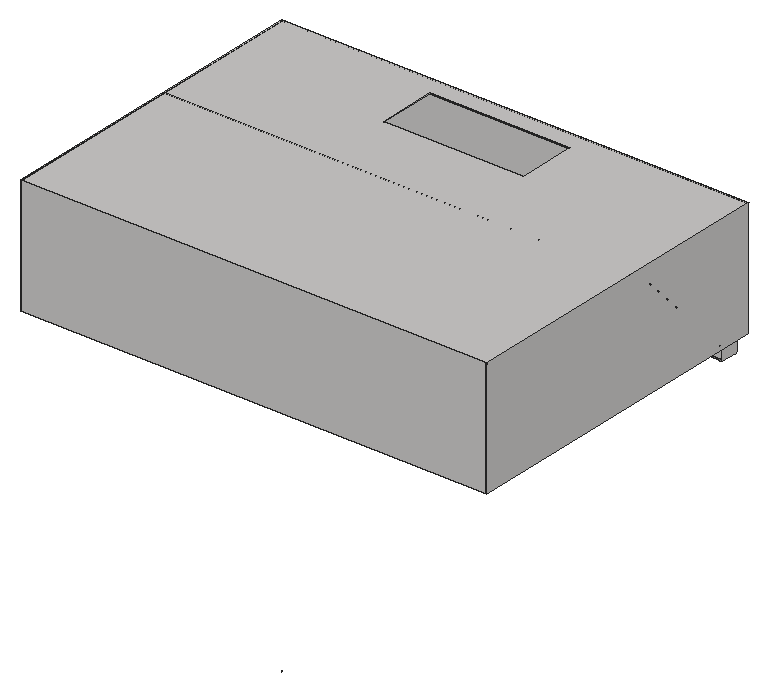
Revit family "QF_ELECTROLUXPROFESSIONAL_642025_EP1420T", category Attrezzature speciali, Revit 2021
Family settings
  Quota connettore circolare = Usa diametro
  Tipo di parte = Normale
  Basato su piano di lavoro = No
  Sempre verticale = Sì
  Taglio con vuoti quando caricato = No
  Condiviso = No
  Punto di calcolo locali = No
Parameters (values of type "Standard")
  Weight = 57.00 kg
  Watts = 0 W
  Volts = 0 V
  URL Manufacturer = "https://www.electroluxprofessional.com/"
  URL = "https://www.electroluxprofessional.com/"
  Steam Supply Size = 0 mm
  Steam Supply Minimum Pressure = 0.0 Pa
  Steam Supply Maximum Pressure = 0.0 Pa
  Steam Consumption per Hour = 0
  Refrigeration Suction Line Size = 0 mm
  Refrigeration Liquid Line Size = 0 mm
  Refrigerant Compressor Remote = yes
  Prospetto di default = 0 mm
  Produttore = "Electrolux Professional"
  Phase = 0
  Modello = "EP1420T"
  Length Actual = 2000 mm  # constant formula
  Item Number = "642025"
  Hot Water Size = 0 mm
  Height Actual = 500 mm  # constant formula
  HP = "0 HP"
  Gas Size = 0 mm
  Gas KW = 0
  Gas Input Pressure = 0 W
  Direct Waste Size = 0 mm
  Descrizione = "304 S/S WALL HOOD+FILTERS 2000X1400MM"
  Depth Actual = 1400 mm  # constant formula
  Cycle = 0 Hz
  Condensate Return Size = 0 mm
  Compressed Air Volume = 0.0 L/s
  Compressed Air Size = 0 mm
  Compressed Air Pressure = 0.0 Pa
  Cold Water Size = 0 mm
  Accessory = yes
Reference planes
  plane 1: z = 0
  plane 2 "Center (Left/Right)": x = 150
  plane 3 "LEFT": x = -850
  plane 4 "RIGHT": x = 1150
  plane 5 "BACK": y = 550
  plane 6 "TOP": z = 2500
  plane 7 "Base": z = 2000
  plane 8: z = 1926
  plane 9 "DrainY": y = 485
  plane 10: x = -847
  plane 11: through (0, 414.509, 2000.8) normal (0, 0.7314, 0.682)
  plane 12: y = 470
  plane 13: y = 220
  plane 14 "DrainX": x = 1030
  plane 15: x = -150
  plane 16: x = 450
  plane 17: x = 1147
  plane 18: x = 940
  plane 19: x = 1120
  plane 20: x = -810
  plane 21: x = 1110
  plane 22: x = -47.5
  plane 23: x = 347.5
  plane 24 "Center (Front/Back)": y = -150
  plane 25 "Front": y = -850
Forms (mm)
  Extrusion 1, solid, material "QF_Finishes_Stainless Steel"
    sketch origin (-850, 0, 360) x (0, 1, 0) y (0, 0, 1)
      loop
        line (550, 1640) -> (550, 2140) -> (-850, 2140) -> (-850, 1640) -> (550, 1640)
    from 0 to 3
  Extrusion 2, solid, material "QF_Finishes_Stainless Steel"
    sketch origin (150, 0, 360) x (0, 1, 0) y (0, 0, 1)
      loop
        line (415.255, 1640) -> (550, 1640) -> (550, 2139.19) -> (549.2, 2139.19) -> (549.2, 1640.8) -> (415.876, 1640.8) -> (339.347, 1722.867) -> (349.609, 1732.436) -> (348.927, 1733.167) -> (337.934, 1722.917) -> (415.255, 1640)
      loop
        line (-82.203, 2139.19) -> (-82.203, 2118.6) -> (-31.047, 2118.6) -> (34.354, 2048.466) -> (46.028, 2059.352) -> (45.346, 2060.083) -> (34.403, 2049.879) -> (-30.612, 2119.6) -> (-81.203, 2119.6) -> (-81.203, 2139.19) -> (-82.203, 2139.19)
    from -997 to 997
  Extrusion 3, solid, material "QF_Finishes_Stainless Steel"
    sketch origin (1150, 0, 360) x (0, 1, 0) y (0, 0, 1)
      loop
        line (550, 1640) -> (550, 2140) -> (-850, 2140) -> (-850, 1640) -> (550, 1640)
    from 0 to -3
  Extrusion 4, solid, material "QF_Finishes_Stainless Steel"
    sketch origin (150, 0, 360) x (0, 1, 0) y (0, 0, 1)
      loop
        line (-850, 2140) -> (-850, 1640) -> (-849.2, 1640) -> (-849.2, 2139.19) -> (550, 2139.19) -> (550, 2140) -> (-850, 2140)
    from -1000 to 1000
  Extrusion 5, solid, material "QF_Finishes_Stainless Steel"
    sketch origin (150, 0, 360) x (0, 1, 0) y (0, 0, 1)
      loop
        line (534, 1640) -> (436, 1640) -> (436, 1627) -> (443.5, 1627) -> (443.5, 1576)
        arc (443.5, 1576) -> (446.429, 1568.929) -> (453.5, 1566) r 10
        line (453.5, 1566) -> (516.5, 1566)
        arc (516.5, 1566) -> (523.571, 1568.929) -> (526.5, 1576) r 10
        line (526.5, 1576) -> (526.5, 1627) -> (534, 1627) -> (534, 1640)
    from 790 to 970
  Extrusion 6, solid, material "QF_Finishes_Stainless Steel"
    sketch origin (0, 0, 2000) x (0, 1, 0) y (-1, 0, 0)
      loop
        circle (485, -1030) r 20
    from -76 to -74
  Extrusion 7, solid, material "QF_Finished_Chrome"
    sketch origin (150, 0, 360) x (0, 1, 0) y (0, 0, 1)
      loop
        line (337.934, 1722.917) -> (341.591, 1726.327) -> (38.011, 2051.876) -> (34.354, 2048.466) -> (337.934, 1722.917)
    from -197.5 to -960
  Extrusion 8, solid, material "QF_Finishes_Stainless Steel"
    sketch origin (150, 0, 360) x (0, 1, 0) y (0, 0, 1)
      loop
        line (337.934, 1722.917) -> (341.591, 1726.327) -> (38.011, 2051.876) -> (34.354, 2048.466) -> (337.934, 1722.917)
    from 997 to 960
  Extrusion 9, solid, material "QF_Finished_Chrome"
    sketch origin (150, 0, 360) x (0, 1, 0) y (0, 0, 1)
      loop
        line (341.588, 1726.324) -> (38.009, 2051.874) -> (34.354, 2048.466) -> (337.934, 1722.917) -> (341.588, 1726.324)
    from 197.5 to 960
  Extrusion 10, void
    sketch origin (0, 0, 2500) x (0, 1, 0) y (-1, 0, 0)
      loop
        line (470, -450) -> (470, 150) -> (220, 150) -> (220, -450) -> (470, -450)
    from 0 to -10
  Extrusion 11, solid, material "QF_Finishes_Stainless Steel"
    sketch origin (0, 0, 0) x (1, 0, 0) y (0, 1, 0)
      loop
        line (-850, 550) -> (-850, 549) -> (-849, 549) -> (-849, 550) -> (-850, 550)
    from 0 to 1
  Extrusion 12, solid, material "QF_Finishes_Stainless Steel"
    sketch origin (150, 0, 360) x (0, 1, 0) y (0, 0, 1)
      loop
        line (337.934, 1722.917) -> (341.591, 1726.327) -> (38.011, 2051.876) -> (34.354, 2048.466) -> (337.934, 1722.917)
    from -960 to -997
  Extrusion 13, solid, material "QF_Finishes_Stainless Steel"
    sketch origin (150, 0, 360) x (0, 1, 0) y (0, 0, 1)
      loop
        line (337.934, 1722.917) -> (341.591, 1726.327) -> (38.011, 2051.876) -> (34.354, 2048.466) -> (337.934, 1722.917)
    from 197.5 to -197.5
Cuts and joins
  Extrusion 10 cuts Extrusion 4
  joined: Extrusion 2, Extrusion 4
Lines and regions (mm)
  reference lines
    curve 1: line (150, 34.354, 2408.466) -> (150, 34.354, 2248.466)
  symbolic lines, style "SpecialityEquipment", detail levels coarse
    curve 2: line (1150, 550, 2500) -> (-850, 550, 2500)
    curve 3: line (-850, 550, 2500) -> (-850, -850, 2500)
    curve 4: line (1150, -850, 2500) -> (1150, 550, 2500)
    curve 5: line (-850, -850, 2500) -> (1150, -850, 2500)
    curve 6: line (450, 220, 2500) -> (-150, 220, 2500)
    curve 7: line (450, 470, 2500) -> (450, 220, 2500)
    curve 8: line (-150, 470, 2500) -> (450, 470, 2500)
    curve 9: line (-150, 220, 2500) -> (-150, 470, 2500)
    curve 10: line (-850, 550, 0) -> (1150, -850, 0)
    curve 11: line (1150, 550, 0) -> (-850, -850, 0)
Dimensions and locks
  plane 3 "LEFT" to plane 4 "RIGHT" = 2000 mm
  equal spacing: plane 3 "LEFT", plane 2 "Center (Left/Right)", plane 4 "RIGHT"
  plane 7 "Base" to plane 8 = 74 mm
  plane 5 "BACK" to plane 9 "DrainY" = 65 mm  (x2)
  plane 3 "LEFT" to plane 10 = 3 mm
  plane 5 "BACK" to plane 12 = 80 mm
  plane 12 to plane 13 = 250 mm  (x2)
  plane 14 "DrainX" to plane 4 "RIGHT" = 120 mm
  plane 17 to plane 4 "RIGHT" = 3 mm
  locked: plane 18 to plane 14 "DrainX" at 90
  locked: plane 14 "DrainX" to plane 19 at 90
  plane 12 to plane 5 "BACK" = 80 mm
  locked: plane 3 "LEFT" to plane 20 at 40
  locked: plane 21 to plane 4 "RIGHT" at 40
  locked: plane 22 to plane 23 at 395
  equal spacing: plane 22, plane 2 "Center (Left/Right)", plane 23
  locked: plane 15 to plane 16 at 600
  equal spacing: plane 15, plane 2 "Center (Left/Right)", plane 16
  locked: plane 7 "Base" to level at 2000
  locked: plane 6 "TOP" to plane 7 "Base" at 500
  plane 5 "BACK" to plane 25 "Front" = 1400 mm  (x2)
  equal spacing: plane 5 "BACK", plane 24 "Center (Front/Back)", plane 25 "Front"
  aligned and locked: level to plane 1
  aligned and locked: Extrusion 2 to Extrusion 1
  aligned and locked: Extrusion 2 to Extrusion 3
  aligned and locked: plane 4 "RIGHT" to Extrusion 4
  aligned and locked: Extrusion 4 to plane 3 "LEFT"
  aligned and locked: plane 17 to Extrusion 8
  aligned and locked: Extrusion 10 to plane 15
  aligned and locked: Extrusion 10 to plane 13
  aligned and locked: Extrusion 10 to plane 12
  aligned and locked: Extrusion 2 to Extrusion 4
  aligned and locked: plane 19 to Extrusion 5
  aligned and locked: Extrusion 5 to plane 18
  aligned and locked: Extrusion 8 to plane 21
  aligned and locked: Extrusion 9 to plane 21
  aligned and locked: Extrusion 7 to plane 20
  aligned and locked: Extrusion 12 to plane 10
  aligned and locked: plane 20 to Extrusion 12
  aligned and locked: Extrusion 3 to plane 17
  aligned and locked: Extrusion 10 to plane 16
  aligned and locked: plane 16 to curve 7
  aligned and locked: plane 23 to Extrusion 13
  aligned and locked: Extrusion 13 to plane 22
  aligned and locked: Extrusion 9 to plane 23
Automatic sketch dimensions
  Extrusion 2 sketch curve to plane 11 = 0 mm  (x3)
  Extrusion 2 sketch curve to plane 7 "Base" = 0 mm
  plane 11 to Extrusion 2 sketch curve = 0 mm
  Extrusion 2 sketch curve to plane 5 "BACK" = 0 mm
  Extrusion 2 sketch curve to Extrusion 2 sketch curve = 65.646 mm
  Extrusion 2 sketch curve to Extrusion 2 sketch curve = 0.682 mm  (x2)
  Extrusion 2 sketch curve to Extrusion 2 sketch curve = 10.261 mm
  plane 7 "Base" to Extrusion 2 sketch curve = 82.917 mm
  Extrusion 2 sketch curve to Extrusion 2 sketch curve = 10.942 mm
  Extrusion 2 sketch curve to Extrusion 2 sketch curve = 0.049 mm
  Extrusion 2 sketch curve to plane 6 "TOP" = 20.4 mm
  Extrusion 2 sketch curve to plane 6 "TOP" = 21.4 mm
  Extrusion 2 sketch curve to plane 6 "TOP" = 0.81 mm  (x2)
  Extrusion 2 sketch curve to Extrusion 2 sketch curve = 50.156 mm
  Extrusion 2 sketch curve to Extrusion 2 sketch curve = 1 mm
  plane 7 "Base" to Extrusion 2 sketch curve = 0.8 mm
  Extrusion 2 sketch curve to plane 5 "BACK" = 0.8 mm
  Extrusion 3 sketch curve to plane 7 "Base" = 0 mm
  Extrusion 3 sketch curve to plane 5 "BACK" = 0 mm
  Extrusion 3 sketch curve to plane 6 "TOP" = 0 mm
  Extrusion 4 sketch curve to plane 5 "BACK" = 0 mm
  Extrusion 4 sketch curve to plane 6 "TOP" = 0 mm
  Extrusion 4 sketch curve to plane 6 "TOP" = 0.81 mm
  curve 1 to plane 11 = 0 mm
  Extrusion 5 sketch curve to plane 7 "Base" = 0 mm
  Extrusion 5 sketch curve to plane 8 = 0 mm
  Extrusion 5 sketch curve to plane 7 "Base" = 13 mm  (x2)
  plane 12 to Extrusion 5 sketch curve = 34 mm
  Extrusion 5 sketch curve to Extrusion 5 sketch curve = 7.5 mm  (x2)
  Extrusion 5 sketch curve to Extrusion 5 sketch curve = 10 mm
  plane 9 "DrainY" to Extrusion 5 sketch curve = 31.5 mm
  Extrusion 5 sketch curve to plane 5 "BACK" = 23.5 mm
  Extrusion 6 sketch curve to plane 9 "DrainY" = 0 mm
  Extrusion 6 sketch curve to plane 14 "DrainX" = 0 mm
  Extrusion 7 sketch curve to plane 11 = 0 mm  (x2)
  Extrusion 7 sketch curve to Extrusion 7 sketch curve = 3.657 mm
  plane 7 "Base" to Extrusion 7 sketch curve = 82.917 mm
  Extrusion 8 sketch curve to plane 11 = 0 mm  (x2)
  Extrusion 8 sketch curve to Extrusion 8 sketch curve = 3.657 mm
  plane 7 "Base" to Extrusion 8 sketch curve = 82.917 mm
  Extrusion 9 sketch curve to plane 11 = 0 mm  (x2)
  Extrusion 9 sketch curve to Extrusion 9 sketch curve = 3.655 mm
  plane 7 "Base" to Extrusion 9 sketch curve = 82.917 mm
  Extrusion 10 sketch curve to plane 13 = 0 mm
  plane 12 to Extrusion 10 sketch curve = 0 mm
  Extrusion 10 sketch curve to plane 16 = 0 mm
  Extrusion 10 sketch curve to plane 15 = 0 mm
  Extrusion 11 sketch curve to plane 3 "LEFT" = 0 mm
  Extrusion 11 sketch curve to plane 5 "BACK" = 0 mm
  plane 3 "LEFT" to Extrusion 11 sketch curve = 1 mm
  Extrusion 11 sketch curve to Extrusion 11 sketch curve = 1 mm
  Extrusion 12 sketch curve to plane 11 = 0 mm  (x2)
  Extrusion 12 sketch curve to Extrusion 12 sketch curve = 3.657 mm
  plane 7 "Base" to Extrusion 12 sketch curve = 82.917 mm
  Extrusion 13 sketch curve to plane 11 = 0 mm  (x2)
  Extrusion 13 sketch curve to Extrusion 13 sketch curve = 3.657 mm
  plane 7 "Base" to Extrusion 13 sketch curve = 82.917 mm
  Extrusion 1 sketch curve to plane 5 "BACK" = 0 mm
  Extrusion 1 sketch curve to plane 6 "TOP" = 0 mm
  Extrusion 1 sketch curve to plane 7 "Base" = 0 mm
  Extrusion 4 sketch curve to plane 7 "Base" = 0 mm
  curve 1 to curve 1 = 160 mm
  Extrusion 4 sketch curve to Extrusion 4 sketch curve = 0.8 mm
  Extrusion 1 sketch curve to plane 13 = 1070 mm
  Extrusion 2 sketch curve to plane 6 "TOP" = 91.534 mm
  Extrusion 3 sketch curve to plane 13 = 1070 mm
  Extrusion 4 sketch curve to plane 13 = 1069.2 mm
  curve 1 to plane 13 = 185.646 mm
  Extrusion 7 sketch curve to plane 6 "TOP" = 88.124 mm
  Extrusion 8 sketch curve to plane 6 "TOP" = 88.124 mm
  Extrusion 9 sketch curve to plane 6 "TOP" = 88.126 mm
  Extrusion 12 sketch curve to plane 6 "TOP" = 88.124 mm
  Extrusion 13 sketch curve to plane 6 "TOP" = 88.124 mm
  curve 11 to plane 3 "LEFT" = 0 mm
  curve 10 to plane 3 "LEFT" = 0 mm
  curve 11 to plane 4 "RIGHT" = 0 mm
  curve 10 to plane 4 "RIGHT" = 0 mm
  plane 25 "Front" to curve 10 = 0 mm
  plane 25 "Front" to curve 11 = 0 mm
  curve 11 to plane 5 "BACK" = 0 mm
  curve 10 to plane 5 "BACK" = 0 mm
  curve 3 to plane 3 "LEFT" = 0 mm
  plane 25 "Front" to curve 3 = 0 mm
  curve 4 to plane 4 "RIGHT" = 0 mm
  curve 6 to plane 13 = 0 mm
  plane 12 to curve 8 = 0 mm
  curve 3 to plane 5 "BACK" = 0 mm
  curve 6 to plane 15 = 0 mm
  radius of Extrusion 6 sketch curve = 20 mm
Connectors
  piping at (1030, 485, 1924), diameter 20
    settings: on Extrusion 6, index 1, connector inside diameter 609.6 mm, connector length 0 mm, flow factor 0, pipe flow 0.0 L/s, pressure drop 0.0 Pa, fitting loss kfactor 0, connector angle 0.00°, fixture units 0, engagement length 0 mm, angle of deflection 0.00°, flow configuration 1, flow direction 2, fitting loss method 0, system type 16, joint type 0, gender type 0, connector reference index -1, connector utility 0, adjustable connector no, is connector primary yes, connector description "Drain"
  hvac at (150, 345, 2500)
    settings: on Extrusion 10, index 2, duct flow 0.0 L/s, flow factor 0, pres drop 0.0 Pa, loss coef 0, conn angle 0.00°, conn width 250 mm, conn height 600 mm, conn diameter 609.6 mm, duct sys type 3, conn prof type 1, flow config 0, flow direction 2, loss method 0, conn ref index -1, conn util no, is conn primary yes, conn desc "EXHAUST OUTLET"
